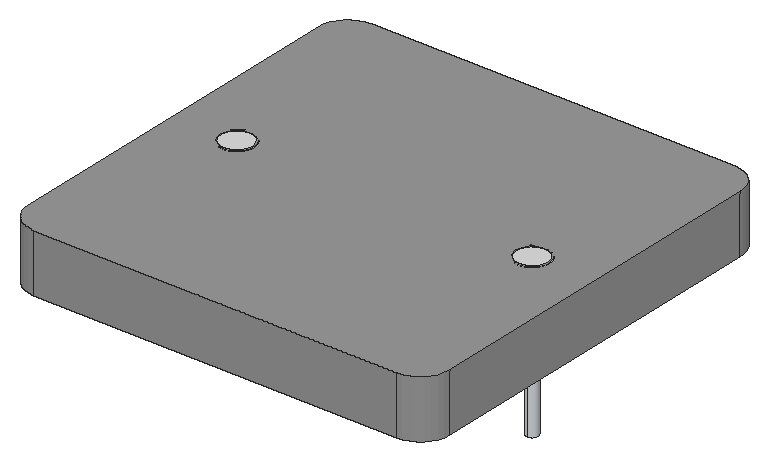
Revit family "ElectricalFixture_WiringAccessories_Hager_Sollysta_RaisedBlankPlate", category Electrical Fixtures, host Face, Revit 2015
Parameters (values of type "WRP1BN")
  Warranty ID = ""
  Voltage (Volts) = "230V/240V"
  Unique Reference = "WRP1BN"
  Type = "ElectricalFixture"
  Technical Description = Description  # "SingleBlankPlateBlackNickel"
  Switch = yes
  Supply Phase = "1"
  Size = ""
  Shipping Weight kg = "0.188"
  Shape = "Rectangular"
  Reference Standard = "BS 1363-2"
  Product URL = "http://www.hager.co.uk/product-catalogue/wiring-accessories/sollysta/white-moulded/white-moulded-sockets/58428.htm"
  Product Range = "Sollysta"
  Product Model Number = Unique Reference  # "WRP1BN"
  Product Literature = "http://www.hager.co.uk/product-catalogue/wiring-accessories/sollysta/38662.htm"
  Product Group = "WiringAccessories"
  Product Family = "DecorativeBlankPlates_BlankPlates"
  Packaging Recyclable = yes
  Overall Width = 0.0 mm
  Overall Length = 86.0 mm
  Overall Height = 86.0 mm
  Overall Depth = 28.521 mm
  Operation and Maintenance Manual = ""
  Name = "DecorativeBlankPlate_WRP1BN"
  Measurement Units = "mm"
  Material = Hager_BlackNickel
  Manufacturer Website = "http://www.hager.co.uk/"
  Manufacturer Country = "United Kingdom"
  Manufacturer = "Hager"
  LED Indicator Switch = no
  Gross Weight kg = "0.165"
  Frequency = "50/60Hz"
  Finish = "Polished"
  Features = Description  # "SingleBlankPlateBlackNickel"
  Extrusion From Wall = 11.921 mm
  Expected Life = "25 years"
  EAN Code = "5015654742416"
  Design Country = "China"
  Description = "SingleBlankPlateBlackNickel"
  Default Elevation = 1219.2 mm
  Colour = "BlackNickel"
  CE Approval = yes
Types (8, lengths in mm): name | Unique Reference | Technical Description | Product Model Number | Overall Length | Name | Material | Finish | Features | EAN Code | Description | Colour
  WRP1PS | "WRP1PS" | "SingleBlankPlatePolishedSteel" | "WRP1PS" | 86.0 | "DecorativeBlankPlate_WRP1PS" | Hager_PolishedSteel | "Gloss" | "SingleBlankPlatePolishedSteel" | "5015654742355" | "SingleBlankPlatePolishedSteel" | "SollystaWhite"
  WRP1BS | "WRP1BS" | "SingleBlankPlateBrushedSteel" | "WRP1BS" | 86.0 | "DecorativeBlankPlate_WRP1BS" | Hager_BrushedSteel | "Brushed" | "SingleBlankPlateBrushedSteel" | "5015654742355" | "SingleBlankPlateBrushedSteel" | "BrushedSteel"
  WRP1PB | "WRP1PB" | "SingleBlankPlatePolishedBrass" | "WRP1PB" | 86.0 | "DecorativeBlankPlate_WRP1PB" | Hager_PolishedBrass | "Polished" | "SingleBlankPlatePolishedBrass" | "5015654742355" | "SingleBlankPlatePolishedBrass" | "PolishedBrass"
  WRP1BN | "WRP1BN" | "SingleBlankPlateBlackNickel" | "WRP1BN" | 86.0 | "DecorativeBlankPlate_WRP1BN" | Hager_BlackNickel | "Polished" | "SingleBlankPlateBlackNickel" | "5015654742416" | "SingleBlankPlateBlackNickel" | "BlackNickel"
  WRP2PS | "WRP1PS" | "TwinBlankPlatePolishedSteel" | "WRP1PS" | 146.0 | "DecorativeBlankPlate_WRP2PS" | Hager_PolishedSteel | "Polished" | "TwinBlankPlatePolishedSteel" | "5015654742430" | "TwinBlankPlatePolishedSteel" | "PolishedSteel"
  WRP2BS | "WRP2BS" | "TwinBlankPlateBrushedSteel" | "WRP2BS" | 146.0 | "DecorativeBlankPlate_WRP2BS" | Hager_BrushedSteel | "Brushed" | "TwinBlankPlateBrushedSteel" | "5015654742454" | "TwinBlankPlateBrushedSteel" | "BrushedSteel"
  WRP2PB | "WRP2PB" | "TwinBlankPlatePolishedBrass" | "WRP2PB" | 146.0 | "DecorativeBlankPlate_WRP2PB" | Hager_PolishedBrass | "Polished" | "TwinBlankPlatePolishedBrass" | "5015654742478" | "TwinBlankPlatePolishedBrass" | "PolishedBrass"
  WRP2BN | "WRP2BN" | "TwinBlankPlateBlackNickel" | "WRP2BN" | 146.0 | "DecorativeBlankPlate_WRP2BN" | Hager_BlackNickel | "Polished" | "TwinBlankPlateBlackNickel" | "5015654742492" | "TwinBlankPlateBlackNickel" | "BlackNickel"
Reference planes
  plane 1 "Center (Front/Back)": y = 0
  plane 2: z = 0
  plane 3 "Center (Left/Right)": x = 0
  plane 4: y = -43
  plane 5: y = 43
  plane 6: x = -137
  plane 7: x = -51
  plane 8: z = 11.921
  plane 9: z = -16.6
  plane 10: z = 11.921
  plane 11: y = -471.393
  plane 12: z = -20.53
  plane 13: x = -124.15
  plane 14: x = -63.85
Forms (mm)
  Extrusion 1, solid, material "Hager_BlackNickel" <- "Material", detail levels fine
    sketch origin (0, 0, 0) x (1, 0, 0) y (0, 1, 0)
      loop
        arc (-137, -37.005) -> (-135.244, -41.244) -> (-131.005, -43) r 5.995
        line (-131.005, -43) -> (-57.017, -43)
        arc (-57.017, -43) -> (-52.762, -41.238) -> (-51, -36.983) r 6.017
        line (-51, -36.983) -> (-51, 37.035)
        arc (-51, 37.035) -> (-52.747, 41.253) -> (-56.965, 43) r 5.965
        line (-56.965, 43) -> (-131.018, 43)
        arc (-131.018, 43) -> (-135.248, 41.248) -> (-137, 37.018) r 5.982
        line (-137, 37.018) -> (-137, -37.005)
      loop
        circle (-124.15, 0) r 3.228
      loop
        circle (-63.85, 0) r 3.228
    from 0 to 11.921
  Extrusion 2, solid, material "Steel, Chrome Plated", detail levels fine
    sketch origin (0, 0, 0) x (1, 0, 0) y (0, 1, 0)
      loop
        circle (-124.15, 0) r 3.542
    from -1.167 to 11.921
  Extrusion 3, solid, material "Steel, Chrome Plated", detail levels fine
    sketch origin (0, 0, 0) x (-1, 0, 0) y (0, -1, 0)
      loop
        circle (63.85, 0) r 3.542
    from -1.167 to 11.921
  Extrusion 4, solid, material "Urea Formaldehyde Thermoset Plastic", detail levels medium
    sketch origin (0, 0, 0) x (1, 0, 0) y (0, 1, 0)
      loop
        line (-137, 43) -> (-137, -43) -> (-51, -43) -> (-51, 43) -> (-137, 43)
    from 0 to 11.921
  Extrusion 5, solid
    sketch origin (-184.307, 0, -1.167) x (0, 1, 0) y (-1, 0, 0)
      loop
        circle (0, -60.15) r 1.2
    from 0 to 19.363
  Extrusion 6, solid
    sketch origin (0, 0, -1.167) x (0, -1, 0) y (1, 0, 0)
      loop
        circle (0, -63.85) r 1.2
    from 0 to 19.363
  Extrusion 7, solid, material "Urea Formaldehyde Thermoset Plastic", detail levels medium
    sketch origin (0, 0, 0) x (1, 0, 0) y (0, 1, 0)
      loop
        line (-137, -43) -> (-51, -43) -> (-51, 43) -> (-137, 43) -> (-137, -43)
    from 0 to 11.921
Lines and regions (mm)
  model lines, detail levels coarse
    curve 1: line (-137, 43, 0) -> (-51, 43, 0)
    curve 2: line (-137, -43, 0) -> (-137, 43, 0)
    curve 3: line (-51, -43, 0) -> (-137, -43, 0)
    curve 4: line (-51, 43, 0) -> (-51, -43, 0)
    curve 5: arc (-120.108, 0, 0) -> (-124.15, -4.042, 0) -> (-128.192, 0, 0) r 4.042
    curve 6: arc (-128.192, 0, 0) -> (-124.15, 4.042, 0) -> (-120.108, 0, 0) r 4.042
    curve 7: arc (-59.808, 0, 0) -> (-63.85, -4.042, 0) -> (-67.892, 0, 0) r 4.042
    curve 8: arc (-67.892, 0, 0) -> (-63.85, 4.042, 0) -> (-59.808, 0, 0) r 4.042
Dimensions and locks
  plane 10 to plane 9 = 28.521 mm
  plane 8 to plane 9 = 28.521 mm
  plane 2 to plane 9 = 16.6 mm
  "Overall Length": plane 6 to plane 7
  "Overall Height": plane 4 to plane 5
  "Overall Depth": plane 9 to plane 8
  plane 8 to plane 12 = 32.451 mm
  locked: plane 14 to plane 7 at 12.85
  locked: plane 6 to plane 13 at 12.85
  "Extrusion From Wall": plane 10 to host face
  aligned and locked: plane 2 to host face
  aligned and locked: level to host face
  aligned and locked: Extrusion 1 to plane 8
  aligned and locked: Extrusion 4 to plane 8
  aligned and locked: Extrusion 3 to Extrusion 5
  aligned and locked: Extrusion 6 to Extrusion 2
  aligned and locked: plane 12 to Extrusion 6
  aligned and locked: Extrusion 7 to plane 8
  aligned and locked: Extrusion 7 to level
  aligned and locked: plane 14 to Extrusion 6 sketch curve
  aligned and locked: Extrusion 2 to plane 8
  aligned and locked: Extrusion 3 to plane 8
Automatic sketch dimensions
  host sketch curve to host sketch curve = 2438.4 mm  (x2)
  Extrusion 2 sketch curve to Extrusion 2 sketch curve = 0.0 mm  (x2)
  plane 1 "Center (Front/Back)" to Extrusion 2 sketch curve = 0.0 mm
  Extrusion 2 sketch curve to plane 13 = 0.0 mm
  Extrusion 2 sketch curve to plane 13 = 3.542 mm
  Extrusion 3 sketch curve to Extrusion 3 sketch curve = 0.0 mm  (x2)
  plane 1 "Center (Front/Back)" to Extrusion 3 sketch curve = 0.0 mm
  plane 14 to Extrusion 3 sketch curve = 0.0 mm
  Extrusion 3 sketch curve to plane 14 = 3.542 mm
  plane 4 to Extrusion 4 sketch curve = 0.0 mm
  Extrusion 4 sketch curve to plane 6 = 0.0 mm
  Extrusion 4 sketch curve to plane 7 = 0.0 mm
  plane 5 to Extrusion 4 sketch curve = 0.0 mm
  plane 5 to Extrusion 7 sketch curve = 0.0 mm
  Extrusion 7 sketch curve to plane 6 = 0.0 mm
  Extrusion 7 sketch curve to plane 7 = 0.0 mm
  plane 4 to Extrusion 7 sketch curve = 0.0 mm
  plane 4 to curve 3 = 0.0 mm
  curve 3 to plane 6 = 0.0 mm
  plane 1 "Center (Front/Back)" to curve 5 = 0.0 mm
  curve 6 to plane 13 = 0.0 mm
  plane 1 "Center (Front/Back)" to curve 8 = 0.0 mm
  curve 8 to plane 14 = 0.0 mm
  plane 5 to curve 4 = 0.0 mm
  curve 4 to plane 7 = 0.0 mm
  curve 5 to plane 13 = 4.042 mm
  curve 8 to curve 7 = 4.042 mm
  Extrusion 1 sketch curve to plane 6 = 0.0 mm
  plane 5 to Extrusion 1 sketch curve = 0.0 mm
  plane 4 to Extrusion 1 sketch curve = 0.0 mm
  plane 1 "Center (Front/Back)" to Extrusion 1 sketch curve = 0.0 mm  (x2)
  Extrusion 1 sketch curve to plane 13 = 0.0 mm
  Extrusion 1 sketch curve to plane 14 = 0.0 mm
  plane 6 to Extrusion 1 sketch curve = 5.982 mm
  Extrusion 1 sketch curve to plane 4 = 5.995 mm
  Extrusion 1 sketch curve to plane 7 = 6.017 mm
  Extrusion 1 sketch curve to plane 7 = 5.965 mm
  plane 7 to Extrusion 1 sketch curve = 0.0 mm
  radius of Extrusion 5 sketch curve = 1.2 mm
  radius of Extrusion 6 sketch curve = 1.2 mm
  radius of Extrusion 1 sketch curve = 3.228 mm  (x2)
